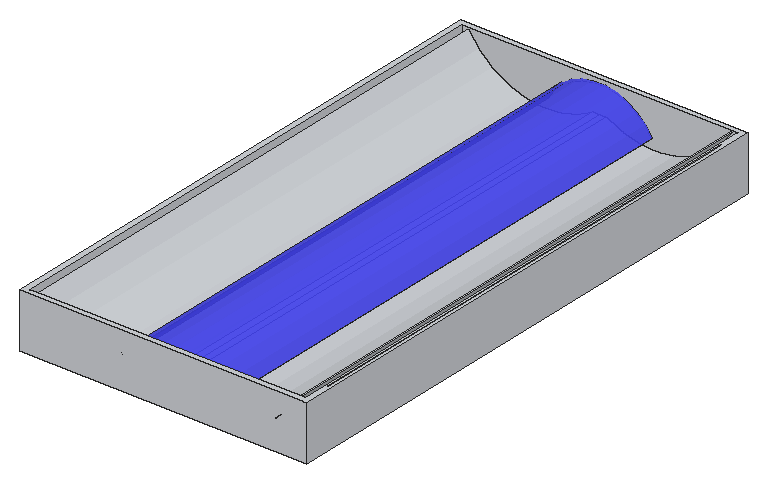
Revit family "LTRE24-SURFACE", category Lighting Fixtures, host Face, Revit 2021
Family settings
  Host = Face
  Round Connector Dimension = Use Diameter
  Part Type = Normal
  Cut with Voids When Loaded = No
  Light Source = Yes
  Shared = No
  Room Calculation Point = No
Parameters (values of type "LTRE22-30HLG-RFA-EU")
  Wattage Comments = "40"
  Wattage = 9.2903 W
  WIDTH = 2' - 0"
  built-in parameter 1150110 = 1 (stored number, unit not read)
  Voltage = 0 V
  built-in parameter 1114217 = 1 (stored number, unit not read)
  Tilt Angle = 90.00°
  built-in parameter 1150109 = 1 (stored number, unit not read)
  built-in parameter 1150134 = 3
  built-in parameter 1150113 = 1 (stored number, unit not read)
  Shield = Glass
  Product Page URL = "https://www.currentlighting.com/columbia"
  Product Documentation Link = ""
  Power Factor = 1
  Photometric Web File = "6811.ies"
  Number of Poles = 1
  Model = "LTRE22"
  Manufacturer = "COLUMBIA"
  built-in parameter 1150105 = -1556640 (stored number, unit not read)
  Lumens = 1380 lm
  built-in parameter 1150115 = 1 (stored number, unit not read)
  built-in parameter 1150137 = (empty or 0)
  built-in parameter 1150139 = (empty or 0)
  built-in parameter 1150112 = 1 (stored number, unit not read)
  built-in parameter 1150114 = 1 (stored number, unit not read)
  Lamp = ""
  LEGNTH = 4' - 6"
  built-in parameter 1150132 = (empty or 0)
  built-in parameter 1150102 = (empty or 0)
  built-in parameter 1150107 = 3200 (stored number, unit not read)
  built-in parameter 1150138 = (empty or 0)
  built-in parameter 1150106 = -15566.4 (stored number, unit not read)
  IES FILE LINK = "http://www.columbialighting.com/resources/photometry_search/"
  Emit from Line Length = 2' - 0"
  built-in parameter 1150104 = 13.8 (stored number, unit not read)
  Dimming Lamp Color Temperature Shift = <None>
  Default Elevation = 4' - 0"
  Color Filter = 16777215
  built-in parameter 1114218 = 1 (stored number, unit not read)
  built-in parameter 1150133 = 10 (stored number, unit not read)
  Apparent Load = 0 VA
Types (19): name | Wattage Comments | Product Page URL | Photometric Web File
  (no name) | "40" | "https://www.currentlighting.com/columbia" | "6811.ies"
  LTRE22-30HLG-RFA-EU | "40" | "https://www.currentlighting.com/columbia" | "6811.ies"
  LTRE22-30LWG-RFA-EU | "24" | "https://www.currentlighting.com/columbia" | "6805.ies"
  LTRE22-30MLG-RFA-EU | "30" | "https://www.currentlighting.com/columbia" | "6808.ies"
  LTRE22-30VLG-RFA-EU | "51" | "https://www.currentlighting.com/columbia" | "6814.ies"
  LTRE22-35HLG-RFA-EU | "40" | "https://www.currentlighting.com/columbia" | "6812.ies"
  LTRE22-35LWG-RFA-EU | "24" | "https://www.currentlighting.com/columbia" | "6806.ies"
  LTRE22-35MLG-RFA-EU | "30" | "https://www.currentlighting.com/columbia" | "6809.ies"
  LTRE22-35VLG-RFA-EU | "51" | "https://www.currentlighting.com/columbia" | "6815.ies"
  LTRE22-40HLG-RFA-EU | "40" | "https://www.currentlighting.com/columbia" | "6813.ies"
  LTRE22-40LWG-RFA-EU | "24" | "https://www.currentlighting.com/columbia" | "6807.ies"
  LTRE22-40MLG-RFA-EU | "24" | "https://www.currentlighting.com/columbia" | "6807.ies"
  LTRE22-40VLG-RFA-EU | "51" | "http://www.columbialighting.com/products/ltre/" | "6816.ies"
  LTRE24-30LWG-RFA-EU | "40" | "https://www.currentlighting.com/columbia" | "6823.ies"
  LTRE24-30MLG-RFA-ESD | "51" | "https://www.currentlighting.com/columbia" | "6826.ies"
  LTRE24-35LWG-RFA-EU | "40" | "https://www.currentlighting.com/columbia" | "6824.ies"
  LTRE24-35MLG-RFA-ESD | "51" | "https://www.currentlighting.com/columbia" | "6827.ies"
  LTRE24-40LWG-RFA-ESD | "40" | "https://www.currentlighting.com/columbia" | "6825.ies"
  LTRE24-40MLG-RFA-ESD | "51" | "https://www.currentlighting.com/columbia" | "6828.ies"
Reference planes (in)
  plane 1 "Center (Front/Back)": y = 0
  plane 2: z = 0
  plane 3 "Center (Left/Right)": x = 0
  plane 4: x = -12.5
  plane 5: x = 12.5
  plane 6: z = -4
  plane 7: x = -12
  plane 8: x = 12
  plane 9: x = -4.63604
  plane 10: x = 4.63604
  plane 11: y = -24
  plane 12: y = 24
  plane 13: y = -23.5
  plane 14: y = 23.5
Forms (in)
  Extrusion 1, solid
    sketch origin (0, 0, 4.75) x (1, 0, 0) y (0, 1, 0)
      loop
        line (-12.5, 24) -> (-12.5, -24) -> (12.5, -24) -> (12.5, 24) -> (-12.5, 24)
    from 0 to -4.75
  Extrusion 2, void
    sketch origin (0, 0, 4.75) x (1, 0, 0) y (0, 1, 0)
      loop
        line (-12, 23.5) -> (-12, -23.5) -> (12, -23.5) -> (12, 23.5) -> (-12, 23.5)
    from 0 to -4
  Extrusion 3, solid
    sketch origin (0, 0, 4.75) x (1, 0, 0) y (0, 0, 1)
      loop
        line (0, -2.75) -> (-0.61819, -2.75)
        arc (-0.61819, -2.75) -> (-6.56796, -3.67674) -> (-11.43038, -0.12492) r 7.86748
        line (-11.43038, -0.12492) -> (-11.49076, -0.1853)
        arc (-11.49076, -0.1853) -> (-6.60832, -3.81529) -> (-0.60424, -2.83246) r 7.79718
        line (-0.60424, -2.83246) -> (0, -2.83246) -> (0.60424, -2.83246)
        arc (0.60424, -2.83246) -> (6.60832, -3.81529) -> (11.49076, -0.1853) r 7.79718
        line (11.49076, -0.1853) -> (11.43038, -0.12492)
        arc (11.43038, -0.12492) -> (6.56796, -3.67674) -> (0.61819, -2.75) r 7.86748
        line (0.61819, -2.75) -> (0, -2.75)
    from 23.5 to -23.5
  Extrusion 4, solid, material "Glass" <- "Shield"
    sketch origin (0, 0, 4.75) x (1, 0, 0) y (0, 0, 1)
      loop
        line (-4.60467, -2.94299) -> (-4.44291, -3.10475)
        arc (-4.44291, -3.10475) -> (0.04419, -0.4044) -> (4.53129, -3.10475) r 5.07822
        line (4.53129, -3.10475) -> (4.63604, -3)
        arc (4.63604, -3) -> (0.03254, -0.24055) -> (-4.60467, -2.94299) r 5.27405
    from 23.5 to -23.5
Cuts and joins
  Extrusion 2 cuts Extrusion 1
Dimensions and locks (in)
  aligned and locked: plane 2 to host face
  aligned and locked: level to host face
Connectors (in)
  electrical at (0, 0, 0), driven by "Number of Poles", driven by "Voltage", driven by "Apparent Load", driven by "Power Factor"
    settings: on host face, index 1, voltage 0 V, apparent load 0 VA, apparent load phase1 0 VA, apparent load phase2 0 VA, apparent load phase3 0 VA, power factor 1, load classification "Other", number of poles 1, system type 31, power factor state 1, is connector primary yes, connector utility yes, sub classification motor no, connector description "Power"
